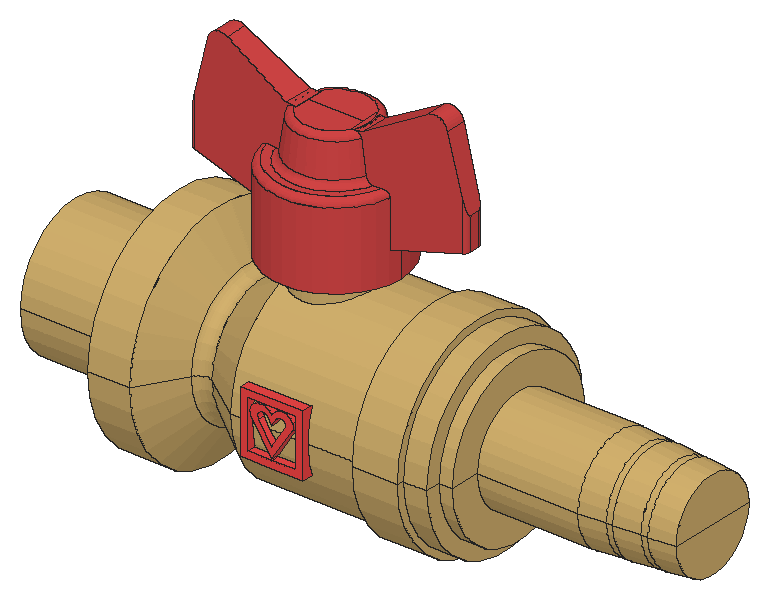
Revit family "KFE inkl. Schlauchtülle 2512", category Rohrzubehör, Revit 2019
Family settings
  Bemaßung runder Anschluss = Durchmesser verwenden
  Teiletyp = Normal
  OmniClass-Nummer = 23.65.55.14
  OmniClass-Titel = Valves for Liquid Services
  Arbeitsebenenbasiert = Nein
  Immer vertikal = Ja
  Beim Laden mit Abzugskörper schneiden = Nein
  Gemeinsam genutzt = Nein
Parameters
  min.Betriebstemperatur = -30 °C  # constant formula
  max.Betriebstemperatur = 110 °C  # constant formula
  max.Betriebsdruck = 1000000.0 Pa  # constant formula
  W1 = 60.00°  # constant formula
  URL = "www.herz-armaturen.at"
  Spindel = "Messing CW614N"  # constant formula
  SCTWSEQ = "ENT;AO;1"
  SCTWCODE = "01;10;01"  # constant formula
  SCRNSEQ = "ARM;ARM_TYP=\"ABSV\";1"
  SCRNCODE = "05;08;01"  # constant formula
  S04 = 6.500 mm  # constant formula
  S03 [instance] = (L06 / 2) + L07 + L08 + L09 + L100  # 36.750 mm
  S02 [instance] = L05 + (L06 / 2)  # 17.650 mm
  S01 [instance] = L00 - (L08 + L09 + L100)  # 62.000 mm
  R99 = 2.000 mm  # constant formula
  R01 [instance] = if(Nennweite = 15.000 mm, 5.500 mm, if(Nennweite = 20.000 mm, 6.000 mm, 1.000 mm))  # 6.000 mm
  Nennweite [instance] = 20.000 mm
  LO1 = 2.500 mm  # constant formula
  L12 = 3.800 mm  # constant formula
  L11 = 8.600 mm  # constant formula
  L100 = 14.600 mm  # constant formula
  L10 = 1.000 mm  # constant formula
  L09 = 13.400 mm  # constant formula
  L08 = 2.000 mm  # constant formula
  L07 = 3.500 mm  # constant formula
  L06 = 6.500 mm  # constant formula
  L05 [instance] = if(Nennweite = 15.000 mm, 11.000 mm, if(Nennweite = 20.000 mm, 14.400 mm, 1.000 mm))  # 14.400 mm
  L04 = 4.000 mm  # constant formula
  L03 [instance] = if(Nennweite = 15.000 mm, 4.000 mm, if(Nennweite = 20.000 mm, 6.000 mm, 1.000 mm))  # 6.000 mm
  L02 [instance] = if(Nennweite = 15.000 mm, 12.000 mm, if(Nennweite = 20.000 mm, 15.000 mm, 1.000 mm))  # 15.000 mm
  L01 [instance] = if(Nennweite = 15.000 mm, 32.000 mm, if(Nennweite = 20.000 mm, 37.600 mm, 1.000 mm))  # 37.600 mm
  L00 [instance] = if(Nennweite = 15.000 mm, 83.000 mm, if(Nennweite = 20.000 mm, 92.000 mm, 1.000 mm))  # 92.000 mm
  Kugel = "geschmiedetes CW617N, volle Bohrung, Oberfläche verchromt"  # constant formula
  Knebel = "Aluminium rot beschichtet"  # constant formula
  Hersteller = "Herz-Armaturen GmbH"  # constant formula
  H01 [instance] = if(Nennweite = 15.000 mm, 17.000 mm, if(Nennweite = 20.000 mm, 21.000 mm, 1.000 mm))  # 21.000 mm
  H00 [instance] = if(Nennweite = 15.000 mm, 37.000 mm, if(Nennweite = 20.000 mm, 40.000 mm, 1.000 mm))  # 40.000 mm
  Gehäuse = "geschmiedetes Messing CW617N"  # constant formula
  G01 [instance] = Nennweite / 2  # 10.000 mm
  Dichtungen = "Kugel: PTFE, Spindel: PTFE"  # constant formula
  D07 = 6.500 mm  # constant formula
  D06 = 7.500 mm  # constant formula
  D05 = 11.900 mm  # constant formula
  D04 = 14.000 mm  # constant formula
  D03 = 15.000 mm  # constant formula
  D02 [instance] = if(Nennweite = 15.000 mm, 11.700 mm, if(Nennweite = 20.000 mm, 13.900 mm, 1.000 mm))  # 13.900 mm
  D01 [instance] = if(Nennweite = 15.000 mm, 13.400 mm, if(Nennweite = 20.000 mm, 16.500 mm, 1.000 mm))  # 16.500 mm
  Betriebsdaten = "Heizungswasser nach ÖNORM H5195 oder VDI- Richtlinie 2035.\r\nDie Verwendung von Ethylen-, oder Propyleneglykol in einem Mischungsverhältnis 25- 50% ist zulässig."
  Bestellnummer [instance] = if(Nennweite = 15.000 mm, 1251201, if(Nennweite = 20.000 mm, 1251202, 0))  # 1251202
  Anwendungsgebiet = "Die Entleerungshähne werden als Füll- und Entleerungshähne verwendet. Anwendungsgebiete sind in haustechnischen Anlagen, wie z.B. in Heizungs- oder Kaltwasseranlagen für die Klimatisierung von Gebäuden. Aromatische Chlorkohlenwasserstoffe wie in Erdgas oder Erdölen vorkommend, zerstören die EPDM- Dichtungen"
Reference planes
  plane 1 "Mitte (Vorne/hinten)": y = 0
  plane 2: z = 0
  plane 3 "Mitte (Links/rechts)": x = 0
Forms (mm)
  Revolve 1, solid, material "Messing", detail levels fine
    sketch origin (0, 0, 0) x (1, 0, 0) y (0, 1, 0)
      loop
        line (54.4, 0) -> (54.4, 6.5) -> (50.6, 6.832) -> (49.6, 6.832) -> (45.8, 7.165) -> (44.8, 7.168) -> (41, 7.5) -> (26.4, 7.5) -> (26.4, 11.9) -> (24.4, 11.9) -> (24.4, 14) -> (20.9, 14) -> (20.9, 15) -> (14.4, 15) -> (14.4, 13.9) -> (-4, 13.9) -> (-10.533, 9.187)
        arc (-10.533, 9.187) -> (-11.878, 9.216) -> (-12.9, 10.091) r 2
        line (-12.9, 10.091) -> (-16.6, 16.5) -> (-22.6, 16.5) -> (-22.6, 10) -> (-37.6, 10) -> (-37.6, 0) -> (54.4, 0)
      axis (54.4, 0) -> (-37.6, 0)
    angle from 0 to 360
  Revolve 2, solid, material "Messing", detail levels fine
    sketch origin (0, 0, 0) x (1, 0, 0) y (0, 0, 1)
      loop
        line (0, 0) -> (0, 21) -> (-6, 21) -> (-6, 0) -> (0, 0)
      axis (0, 21) -> (0, 0)
    angle from 0 to 360
Lines and regions (mm)
  model lines, detail levels coarse+medium
    curve 1: line (-37.6, 0, 0) -> (24.4, 0, 0)
    curve 2: line (17.65, 0, 15) -> (17.65, 0, -15)
    curve 3: line (24.4, 0, 0) -> (54.4, 0, -6.5)
    curve 4: line (17.65, 15, 0) -> (17.65, -15, 0)
    curve 5: line (24.4, 0, 0) -> (54.4, -6.5, 0)
Dimensions and locks
  "L00": Revolve 1 sketch curve to Revolve 1 sketch curve
  "L01": Revolve 1 sketch curve to plane 3 "Mitte (Links/rechts)"
  "L02": Revolve 1 sketch curve to Revolve 1 sketch curve
  "L03": Revolve 1 sketch curve to Revolve 1 sketch curve
  "L04": Revolve 1 sketch curve to plane 3 "Mitte (Links/rechts)"
  "L05": plane 3 "Mitte (Links/rechts)" to Revolve 1 sketch curve
  "L06": Revolve 1 sketch curve to Revolve 1 sketch curve
  "L07": Revolve 1 sketch curve to Revolve 1 sketch curve
  "L08": Revolve 1 sketch curve to Revolve 1 sketch curve
  "L12": Revolve 1 sketch curve to Revolve 1 sketch curve
  "L10": Revolve 1 sketch curve to Revolve 1 sketch curve  (x2)
  "L11": Revolve 1 sketch curve to Revolve 1 sketch curve
  "L09": Revolve 1 sketch curve to Revolve 1 sketch curve
  "L100": Revolve 1 sketch curve to Revolve 1 sketch curve
  "H01": Revolve 2 sketch curve to plane 2
  "R01": plane 3 "Mitte (Links/rechts)" to Revolve 2 sketch curve
  "H00": nested 1 to plane 2
  "S01": curve 1 to curve 1
  "L01": plane 3 "Mitte (Links/rechts)" to curve 1
  "S02": plane 3 "Mitte (Links/rechts)" to curve 2
  "S03": curve 2 to curve 3
  "S04": plane 2 to curve 3
  "S02": plane 3 "Mitte (Links/rechts)" to curve 4
  "S03": curve 4 to curve 5
  "S04": curve 5 to plane 1 "Mitte (Vorne/hinten)"
  "G01": plane 1 "Mitte (Vorne/hinten)" to Revolve 1 sketch curve
  "D01": plane 1 "Mitte (Vorne/hinten)" to Revolve 1 sketch curve
  "D02": Revolve 1 sketch curve to plane 1 "Mitte (Vorne/hinten)"
  "D03": plane 1 "Mitte (Vorne/hinten)" to Revolve 1 sketch curve
  "D04": plane 1 "Mitte (Vorne/hinten)" to Revolve 1 sketch curve
  "D05": plane 1 "Mitte (Vorne/hinten)" to Revolve 1 sketch curve
  "D06": plane 1 "Mitte (Vorne/hinten)" to Revolve 1 sketch curve
  "D07": plane 1 "Mitte (Vorne/hinten)" to Revolve 1 sketch curve
  "D02": nested 2 to plane 1 "Mitte (Vorne/hinten)"
  "LO1": plane 3 "Mitte (Links/rechts)" to nested 2
  "R99": radius of Revolve 1 sketch curve
  angle Revolve 1 sketch curve to Revolve 1 sketch curve = 95.00°  (x3)
  "W1": angle Revolve 1 sketch curve to Revolve 1 sketch curve
  aligned and locked: level to plane 2
Automatic sketch dimensions
  Revolve 2 sketch curve to level = 0.000 mm
  Revolve 2 sketch curve to plane 3 "Mitte (Links/rechts)" = 0.000 mm  (x2)
  Revolve 2 sketch curve to level = 366.045 mm
  Revolve 2 sketch curve to Revolve 2 sketch curve = 2197.315 mm
  curve 1 to level = 0.000 mm
  curve 2 to level = 15.000 mm
  level to curve 2 = 15.000 mm
  plane 1 "Mitte (Vorne/hinten)" to curve 5 = 0.000 mm
  curve 4 to curve 5 = 6.750 mm
  plane 1 "Mitte (Vorne/hinten)" to curve 4 = 15.000 mm
  curve 4 to plane 1 "Mitte (Vorne/hinten)" = 15.000 mm
  Revolve 1 sketch curve to plane 1 "Mitte (Vorne/hinten)" = 0.000 mm
  plane 1 "Mitte (Vorne/hinten)" to Revolve 1 sketch curve = 0.000 mm
  Revolve 1 sketch curve to plane 1 "Mitte (Vorne/hinten)" = 10.091 mm
  Revolve 1 sketch curve to Revolve 1 sketch curve = 1.736 mm
  Revolve 1 sketch curve to plane 1 "Mitte (Vorne/hinten)" = 9.187 mm
  Revolve 1 sketch curve to Revolve 1 sketch curve = 1968.000 mm
  Revolve 1 sketch curve to Revolve 1 sketch curve = 1949.000 mm
Nested families
  nested 1: "Flügelgriff rot" at (0, 0, 16.1), type "Flügelgriff rot", detail levels fine
  nested 2: "Herz-Logo-vorne" at (2.5, -13.9, 0) x (0, 1, 0) z (0, 0, 1), type "Herz-Logo-vorne"
Connectors
  piping at (-37.6, 0, 0), diameter 20, driven by "Nennweite"
    settings: on Revolve 1, index 1, connector inside diameter 609.6 mm, connector length 0.000 mm, flow factor 0, pipe flow 0.0 L/s, pressure drop 0.0 Pa, fitting loss kfactor 0, connector angle 0.00°, fixture units 0, engagement length 0.000 mm, angle of deflection 0.00°, flow configuration 0, flow direction 0, fitting loss method 0, system type 29, joint type 0, gender type 0, connector reference index -1, connector utility 0, adjustable connector no, is connector primary yes, connector description ""
Definition of nested family "Flügelgriff rot"
  Reference planes
    plane 1 "Mitte (Vorne/hinten)": y = 0
    plane 2: z = 0
    plane 3 "Mitte (Links/rechts)": x = 0
  Forms (mm)
    Revolve 1, solid, detail levels fine
      sketch origin (0, 0, 0) x (1, 0, 0) y (0, 0, 1)
        loop
          line (0, 0) -> (0, 18.5) -> (-4.81, 18.5)
          arc (-4.81, 18.5) -> (-5.477, 18.248) -> (-5.81, 17.616) r 1.009
          line (-5.81, 17.616) -> (-6.39, 12.983)
          arc (-6.39, 12.983) -> (-6.723, 12.352) -> (-7.39, 12.1) r 1.008
          line (-7.39, 12.1) -> (-8.543, 12.1)
          arc (-8.543, 12.1) -> (-9.22, 11.82) -> (-9.5, 11.143) r 0.957
          line (-9.5, 11.143) -> (-9.5, 0) -> (0, 0)
        axis (0, 18.5) -> (0, 0)
      angle from 0 to 360
    Extrusion 2, solid, detail levels fine
      sketch origin (0, 0, 0) x (1, 0, 0) y (0, 1, 0)
        loop
          arc (-20, -0.627) -> (-19.829, -1.058) -> (-19.409, -1.256) r 0.63
          line (-19.409, -1.256) -> (-4, -2.231) -> (-4, 2.225) -> (-19.471, 1.312)
          arc (-19.471, 1.312) -> (-19.847, 1.137) -> (-20, 0.752) r 0.562
          line (-20, 0.752) -> (-20, -0.627)
        loop
          line (20, -0.627) -> (20, 0.752)
          arc (20, 0.752) -> (19.847, 1.137) -> (19.471, 1.312) r 0.562
          line (19.471, 1.312) -> (4.042, 2.223) -> (4.042, -2.228) -> (19.409, -1.256)
          arc (19.409, -1.256) -> (19.829, -1.058) -> (20, -0.627) r 0.63
      from 4.6 to 23.9
    Extrusion 3, void
      sketch origin (0, 0, 0) x (1, 0, 0) y (0, 0, 1)
        loop
          line (-9.5, 4.6) -> (-20, 7.413) -> (-20, 4.6) -> (-9.5, 4.6)
        loop
          line (9.5, 4.6) -> (20, 4.6) -> (20, 7.413) -> (9.5, 4.6)
      from 5 to -5
    Extrusion 4, void
      sketch origin (0, 0, 0) x (1, 0, 0) y (0, 0, 1)
        loop
          line (-5.5, 18.5) -> (5.5, 18.5) -> (14.401, 23.633)
          arc (14.401, 23.633) -> (16.174, 23.744) -> (17.336, 22.401) r 2
          line (17.336, 22.401) -> (20, 12.113) -> (20, 25.076) -> (-20, 25.076) -> (-20, 12.113) -> (-17.336, 22.401)
          arc (-17.336, 22.401) -> (-16.174, 23.744) -> (-14.401, 23.633) r 2
          line (-14.401, 23.633) -> (-5.5, 18.5)
      from 5 to -5
  Cuts and joins
    Extrusion 3, Extrusion 4 cuts Extrusion 2
    Extrusion 4 cuts Revolve 1
  Dimensions and locks
    aligned and locked: level to plane 2
Definition of nested family "Herz-Logo-vorne"
  Reference planes
    plane 1 "Mitte (Vorne/hinten)": y = 0
    plane 2: z = 0
    plane 3 "Mitte (Links/rechts)": x = 0
  Forms (mm)
    Extrusion 1, solid
      sketch origin (0.732, -0.018, 0.017) x (0, -1, 0) y (0, 0, 1)
        loop
          line (-0.018, -4.517) -> (4.482, -4.517) -> (4.482, 4.483) -> (-4.518, 4.483) -> (-4.518, -4.517) -> (-0.018, -4.517)
        loop
          line (-0.05, -3.48) -> (3.482, -3.48) -> (3.482, 3.483) -> (-3.518, 3.483) -> (-3.518, -3.48) -> (-0.05, -3.48)
        loop
          arc (-0.018, 2.383) -> (-1.543, 3.287) -> (-3.067, 2.383) r 1.738
          arc (-3.067, 2.383) -> (-3.191, 1.899) -> (-3.067, 1.415) r 1.009
          line (-3.067, 1.415) -> (-0.018, -3.281) -> (3.032, 1.415)
          arc (3.032, 1.415) -> (3.156, 1.899) -> (3.032, 2.383) r 1.009
          arc (3.032, 2.383) -> (1.507, 3.287) -> (-0.018, 2.383) r 1.738
        loop
          arc (1.885, 1.272) -> (2.005, 1.675) -> (1.885, 2.079) r 0.74
          arc (1.885, 2.079) -> (1.265, 2.416) -> (0.644, 2.079) r 0.74
          line (0.644, 2.079) -> (-0.018, 0.97) -> (-0.679, 2.079)
          arc (-0.679, 2.079) -> (-1.3, 2.416) -> (-1.921, 2.079) r 0.74
          arc (-1.921, 2.079) -> (-2.04, 1.675) -> (-1.921, 1.272) r 0.74
          line (-1.921, 1.272) -> (-0.018, -1.658) -> (1.885, 1.272)
      from 0 to 1.5
  Dimensions and locks
    aligned and locked: level to plane 2
